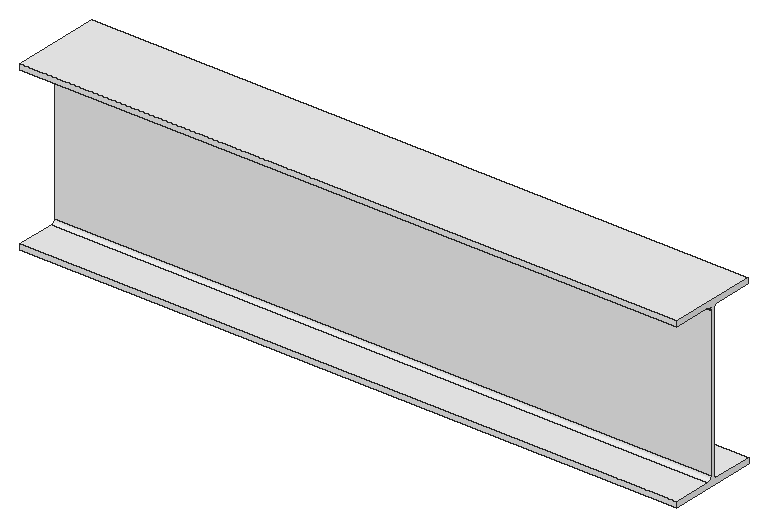
Revit family "M_W Formas", category Quadro estrutural, Revit 2019
Family settings
  Arredondamento do comprimento do framing estrutural = 0.10 mm
  Forma do corte = Forma I do flange paralelo
  Material para o comportamento do modelo = Aço
  Exportar sempre como geometria = Não
  Family Name Key = M_W Shapes
  Nome do código = AISC 14.1
  Número OmniClass = 23.25.30.11.14.14
  Título OmniClass = Beams
  ID de item do Seek = W-Shapes-0000-CAN-ENU
  Sempre na vertical = Sim
  Corte com vazios quando carregada = Não
  Representação simbólica = Das configurações de projeto
  Compartilhado = Não
  Exibir o pré-corte da família na vista da planta = Sim
Parameters (values of type "W310X38.7")
  Largura = 165.00 mm
  Espessura da teia = 5.84 mm
  Concordância da teia = 7.65 mm
  Constante da empena = 163000000000.0 mm6
  Momento de inércia de torção = 125000.00 mm4
  Structural Material [instance] = Aço, 45-345
  Section Name Key = ""
  Section Area = 4940.0 mm²
  Plastic Modulus weak axis = 134000.0 mm³
  Plastic Modulus strong axis = 610000.0 mm³
  Perimeter = 4.101 (stored number, unit not read)
  Nominal Weight = 379.52 N/m
  Moment of Inertia weak axis = 720 cm⁴
  Moment of Inertia strong axis = 8490 cm⁴
  Height = 310.00 mm
  Flange Thickness = 9.65 mm
  Elastic Modulus weak axis = 87500.0 mm³
  Elastic Modulus strong axis = 547000.0 mm³
  Centroid Vertical = Height / 2  # 155 mm
  Centroid Horizontal = Largura / 2  # 82.5 mm
  Bolt Spacing = 88.9 mm
  Assembly Code = ""
  Length [instance] = 1500.00 mm
Reference planes
  plane 1 "Centro (Frente/Trás)": y = 0
  plane 2: z = 0
  plane 3 "Centro (Esquerda/Direita)": x = 4.61
  plane 4 "Membro esquerdo": x = -604.99
  plane 5 "Membro direito": x = 614.21
  plane 6: y = 82.5
  plane 7: y = -82.5
  plane 8 "Superior": z = 155
  plane 9: z = -155
  plane 10 "Esquerda": x = -757.39
  plane 11 "Direita": x = 742.61
Forms (mm)
  Sweep 1, solid, material "Aço, 45-345" <- "Structural Material", detail levels medium
    path origin (0, 0, 0) x (1, 0, 0) y (0, 1, 0)
      loop
        line (614.21, 0) -> (-604.99, 0)
    profile "M_W-Flange ampla-Perfil-Médio : M_W-Flange ampla-Perfil-Médio" origin (4.61, 0, 0) x (0, -1, 0) y (0, 0, 1)
      loop
        line (-82.5, -155) -> (82.5, -155) -> (82.5, -145.35) -> (2.92, -145.35) -> (2.92, 145.35) -> (82.5, 145.35) -> (82.5, 155) -> (-82.5, 155) -> (-82.5, 145.35) -> (-2.92, 145.35) -> (-2.92, -145.35) -> (-82.5, -145.35) -> (-82.5, -155)
  Sweep 2, solid, material "Aço, 45-345" <- "Structural Material", detail levels fine
    path origin (0, 0, 0) x (1, 0, 0) y (0, 1, 0)
      loop
        line (614.21, 0) -> (-604.99, 0)
    profile "M_W-Flange ampla-Perfil-Alto : M_W-Flange ampla-Perfil-Alto" origin (4.61, 0, 0) x (0, -1, 0) y (0, 0, 1)
      loop
        line (-82.5, -155) -> (82.5, -155) -> (82.5, -145.35) -> (10.57, -145.35)
        arc (10.57, -145.35) -> (5.161, -143.109) -> (2.92, -137.7) r 7.65
        line (2.92, -137.7) -> (2.92, 137.7)
        arc (2.92, 137.7) -> (5.161, 143.109) -> (10.57, 145.35) r 7.65
        line (10.57, 145.35) -> (82.5, 145.35) -> (82.5, 155) -> (-82.5, 155) -> (-82.5, 145.35) -> (-10.57, 145.35)
        arc (-10.57, 145.35) -> (-5.161, 143.109) -> (-2.92, 137.7) r 7.65
        line (-2.92, 137.7) -> (-2.92, -137.7)
        arc (-2.92, -137.7) -> (-5.161, -143.109) -> (-10.57, -145.35) r 7.65
        line (-10.57, -145.35) -> (-82.5, -145.35) -> (-82.5, -155)
Lines and regions (mm)
  symbolic lines, style "Faces ocultas", detail levels medium+fine
    curve 1: line (614.21, -2.92, 0) -> (-604.99, -2.92, 0)
    curve 2: line (614.21, 2.92, 0) -> (-604.99, 2.92, 0)
  symbolic lines, style "Símbolos de vara", detail levels coarse
    curve 3: line (4.61, 82.5, 155) -> (4.61, -82.5, 155)
    curve 4: line (4.61, -82.5, -155) -> (4.61, 82.5, -155)
    curve 5: line (4.61, 0, 155) -> (4.61, 0, -155)
Dimensions and locks
  "Largura": plane 6 to plane 7
  "Height": plane 9 to plane 8 "Superior"
  equal spacing: plane 9, plane 2, plane 8 "Superior"
  equal spacing: plane 6, plane 1 "Centro (Frente/Trás)", plane 7
  "Length": plane 10 "Esquerda" to plane 11 "Direita"
  "Espessura da teia": curve 2 to curve 1
  equal spacing: curve 2, plane 1 "Centro (Frente/Trás)", curve 1
  aligned and locked: Sweep 1 sketch curve to plane 1 "Centro (Frente/Trás)"
  aligned and locked: Sweep 2 sketch curve to plane 1 "Centro (Frente/Trás)"
  aligned and locked: Sweep 2 to curve 3  (x2)
  aligned and locked: Sweep 2 to curve 4  (x2)
  aligned and locked: curve 3 to Sweep 2
  aligned and locked: curve 4 to Sweep 2
  aligned and locked: plane 4 "Membro esquerdo" to Sweep 2 sketch curve
  aligned and locked: plane 5 "Membro direito" to Sweep 2 sketch curve
  aligned and locked: plane 4 "Membro esquerdo" to Sweep 1 sketch curve
  aligned and locked: plane 5 "Membro direito" to Sweep 1 sketch curve
  aligned and locked: plane 4 "Membro esquerdo" to curve 2
  aligned and locked: plane 4 "Membro esquerdo" to curve 1
  aligned and locked: plane 5 "Membro direito" to curve 2
  aligned and locked: plane 5 "Membro direito" to curve 1
  aligned and locked: curve 5 to plane 1 "Centro (Frente/Trás)"
  aligned and locked: plane 9 to curve 5
  aligned and locked: plane 8 "Superior" to curve 5
Types in the file's own list only (279): name | Largura | Espessura da teia | Concordância da teia | Constante da empena | Momento de inércia de torção | Chave do nome do corte | Área de corte | Eixo fraco do módulo plástico | Eixo forte do módulo plástico | Perímetro | Peso nominal | Eixo fraco do momento de inércia | Eixo forte do momento de inércia | Altura | Espessura do flange | Eixo fraco do módulo de elasticidade | Eixo forte do módulo de elasticidade | Centróide vertical | Centróide horizontal | Espaçamento do parafuso
  W1100X499 | 404.00 mm | 26.20 mm | 20.00 mm | 144000000000000.0 mm6 | 31100000.00 mm4 | W44x335 | 63500.0 mm² | 3870000.0 mm³ | 26500000.0 mm³ | 3.76 m²/m | 499.00 kgf/m | 499000000.00 mm4 | 12900000000.00 mm4 | 1120.00 mm | 45.00 mm | 2460000.0 mm³ | 23100000.0 mm³ | 560.00 mm | 202.00 mm | 139.7 mm
  W1100X433 | 401.00 mm | 22.00 mm | 19.80 mm | 124000000000000.0 mm6 | 21200000.00 mm4 | W44x290 | 55100.0 mm² | 3360000.0 mm³ | 23100000.0 mm³ | 3.73 m²/m | 433.00 kgf/m | 433000000.00 mm4 | 11200000000.00 mm4 | 1110.00 mm | 40.10 mm | 2160000.0 mm³ | 20300000.0 mm³ | 555.00 mm | 200.50 mm | 139.7 mm
  W1100X390 | 401.00 mm | 19.90 mm | 19.80 mm | 109000000000000.0 mm6 | 15500000.00 mm4 | W44x262 | 49800.0 mm² | 2980000.0 mm³ | 20800000.0 mm³ | 3.73 m²/m | 390.00 kgf/m | 384000000.00 mm4 | 10000000000.00 mm4 | 1100.00 mm | 36.10 mm | 1920000.0 mm³ | 18200000.0 mm³ | 550.00 mm | 200.50 mm | 139.7 mm
  W1100X343 | 401.00 mm | 18.00 mm | 20.10 mm | 92900000000000.0 mm6 | 10400000.00 mm4 | W44x230 | 43700.0 mm² | 2570000.0 mm³ | 18000000.0 mm³ | 3.71 m²/m | 343.00 kgf/m | 331000000.00 mm4 | 8660000000.00 mm4 | 1090.00 mm | 31.00 mm | 1660000.0 mm³ | 15900000.0 mm³ | 545.00 mm | 200.50 mm | 139.7 mm
  W1000X883 | 424.00 mm | 45.50 mm | 30.00 mm | 268000000000000.0 mm6 | 185000000.00 mm4 | W40x593 | 112000.0 mm² | 7880000.0 mm³ | 45200000.0 mm³ | 3.73 m²/m | 883.00 kgf/m | 1050000000.00 mm4 | 21000000000.00 mm4 | 1090.00 mm | 82.00 mm | 4950000.0 mm³ | 38300000.0 mm³ | 545.00 mm | 212.00 mm | 190.5 mm
  W1000X748 | 417.00 mm | 39.10 mm | 29.90 mm | 212000000000000.0 mm6 | 115000000.00 mm4 | W40x503 | 95500.0 mm² | 6460000.0 mm³ | 38000000.0 mm³ | 3.68 m²/m | 748.00 kgf/m | 849000000.00 mm4 | 17300000000.00 mm4 | 1070.00 mm | 70.10 mm | 4080000.0 mm³ | 32400000.0 mm³ | 535.00 mm | 208.50 mm | 190.5 mm
  W1000X642 | 411.00 mm | 34.00 mm | 30.00 mm | 171000000000000.0 mm6 | 73700000.00 mm4 | W40x431 | 81900.0 mm² | 5370000.0 mm³ | 32100000.0 mm³ | 3.63 m²/m | 642.00 kgf/m | 703000000.00 mm4 | 14500000000.00 mm4 | 1050.00 mm | 59.90 mm | 3410000.0 mm³ | 27700000.0 mm³ | 525.00 mm | 205.50 mm | 190.5 mm
  W1000X591 | 409.00 mm | 31.00 mm | 30.00 mm | 155000000000000.0 mm6 | 59100000.00 mm4 | W40x397 | 75500.0 mm² | 4920000.0 mm³ | 29500000.0 mm³ | 3.61 m²/m | 591.00 kgf/m | 641000000.00 mm4 | 13300000000.00 mm4 | 1040.00 mm | 55.90 mm | 3130000.0 mm³ | 25600000.0 mm³ | 520.00 mm | 204.50 mm | 190.5 mm
  W1000X554 | 409.00 mm | 29.50 mm | 29.90 mm | 142000000000000.0 mm6 | 48300000.00 mm4 | W40x372 | 71000.0 mm² | 4540000.0 mm³ | 27500000.0 mm³ | 3.58 m²/m | 554.00 kgf/m | 591000000.00 mm4 | 12300000000.00 mm4 | 1030.00 mm | 52.10 mm | 2900000.0 mm³ | 23900000.0 mm³ | 515.00 mm | 204.50 mm | 190.5 mm
  W1000X539 | 406.00 mm | 28.40 mm | 29.90 mm | 138000000000000.0 mm6 | 45400000.00 mm4 | W40x362 | 68400.0 mm² | 4420000.0 mm³ | 26900000.0 mm³ | 3.58 m²/m | 539.00 kgf/m | 574000000.00 mm4 | 12000000000.00 mm4 | 1030.00 mm | 51.10 mm | 2830000.0 mm³ | 23300000.0 mm³ | 515.00 mm | 203.00 mm | 190.5 mm
  W1000X483 | 404.00 mm | 25.40 mm | 29.90 mm | 120000000000000.0 mm6 | 33000000.00 mm4 | W40x324 | 61500.0 mm² | 3920000.0 mm³ | 23900000.0 mm³ | 3.56 m²/m | 483.00 kgf/m | 508000000.00 mm4 | 10700000000.00 mm4 | 1020.00 mm | 46.00 mm | 2510000.0 mm³ | 21000000.0 mm³ | 510.00 mm | 202.00 mm | 190.5 mm
  W1000X443 | 401.00 mm | 23.60 mm | 30.00 mm | 107000000000000.0 mm6 | 25500000.00 mm4 | W40x297 | 56300.0 mm² | 3520000.0 mm³ | 21800000.0 mm³ | 3.53 m²/m | 443.00 kgf/m | 454000000.00 mm4 | 9660000000.00 mm4 | 1010.00 mm | 41.90 mm | 2260000.0 mm³ | 19200000.0 mm³ | 505.00 mm | 200.50 mm | 190.5 mm
  W1000X412 | 401.00 mm | 21.10 mm | 30.00 mm | 102000000000000.0 mm6 | 21400000.00 mm4 | W40x277 | 52600.0 mm² | 3340000.0 mm³ | 20500000.0 mm³ | 3.53 m²/m | 412.00 kgf/m | 433000000.00 mm4 | 9120000000.00 mm4 | 1010.00 mm | 40.10 mm | 2160000.0 mm³ | 18000000.0 mm³ | 505.00 mm | 200.50 mm | 190.5 mm
  W1000X371 | 401.00 mm | 19.10 mm | 29.90 mm | 89700000000000.0 mm6 | 15900000.00 mm4 | W40x249 | 47400.0 mm² | 2980000.0 mm³ | 18400000.0 mm³ | 3.51 m²/m | 371.00 kgf/m | 385000000.00 mm4 | 8160000000.00 mm4 | 1000.00 mm | 36.10 mm | 1930000.0 mm³ | 16300000.0 mm³ | 500.00 mm | 200.50 mm | 190.5 mm
  W1000X321 | 401.00 mm | 16.50 mm | 30.00 mm | 76300000000000.0 mm6 | 10300000.00 mm4 | W40x215 | 41000.0 mm² | 2560000.0 mm³ | 15800000.0 mm³ | 3.51 m²/m | 321.00 kgf/m | 334000000.00 mm4 | 6950000000.00 mm4 | 991.00 mm | 31.00 mm | 1660000.0 mm³ | 14100000.0 mm³ | 495.50 mm | 200.50 mm | 190.5 mm
  W1000X296 | 401.00 mm | 16.50 mm | 30.00 mm | 66100000000000.0 mm6 | 7620000.00 mm4 | W40x199 | 37900.0 mm² | 2250000.0 mm³ | 14200000.0 mm³ | 3.48 m²/m | 296.00 kgf/m | 289000000.00 mm4 | 6200000000.00 mm4 | 983.00 mm | 27.20 mm | 1450000.0 mm³ | 12600000.0 mm³ | 491.50 mm | 200.50 mm | 190.5 mm
  W1000X584 | 315.00 mm | 36.10 mm | 30.00 mm | 82200000000000.0 mm6 | 71600000.00 mm4 | W40x392 | 74800.0 mm² | 3470000.0 mm³ | 28000000.0 mm³ | 3.25 m²/m | 584.00 kgf/m | 334000000.00 mm4 | 12400000000.00 mm4 | 1060.00 mm | 64.00 mm | 2130000.0 mm³ | 23600000.0 mm³ | 530.00 mm | 157.50 mm | 190.5 mm
  W1000X494 | 310.00 mm | 31.00 mm | 30.00 mm | 64700000000000.0 mm6 | 43700000.00 mm4 | W40x331 | 63000.0 mm² | 2820000.0 mm³ | 23400000.0 mm³ | 3.20 m²/m | 494.00 kgf/m | 268000000.00 mm4 | 10300000000.00 mm4 | 1040.00 mm | 54.10 mm | 1740000.0 mm³ | 19800000.0 mm³ | 520.00 mm | 155.00 mm | 190.5 mm
  W1000X486 | 307.00 mm | 30.00 mm | 30.00 mm | 64200000000000.0 mm6 | 42900000.00 mm4 | W40x327 | 61900.0 mm² | 2790000.0 mm³ | 23100000.0 mm³ | 3.20 m²/m | 486.00 kgf/m | 266000000.00 mm4 | 10200000000.00 mm4 | 1040.00 mm | 54.10 mm | 1720000.0 mm³ | 19700000.0 mm³ | 520.00 mm | 153.50 mm | 190.5 mm
  W1000X438 | 305.00 mm | 26.90 mm | 30.00 mm | 55900000000000.0 mm6 | 31900000.00 mm4 | W40x294 | 55600.0 mm² | 2460000.0 mm³ | 20800000.0 mm³ | 3.18 m²/m | 438.00 kgf/m | 234000000.00 mm4 | 9120000000.00 mm4 | 1030.00 mm | 49.00 mm | 1530000.0 mm³ | 17700000.0 mm³ | 515.00 mm | 152.50 mm | 190.5 mm
  W1000X415 | 305.00 mm | 26.20 mm | 29.90 mm | 51600000000000.0 mm6 | 27100000.00 mm4 | W40x278 | 53100.0 mm² | 2290000.0 mm³ | 19500000.0 mm³ | 3.15 m²/m | 415.00 kgf/m | 217000000.00 mm4 | 8530000000.00 mm4 | 1020.00 mm | 46.00 mm | 1430000.0 mm³ | 16700000.0 mm³ | 510.00 mm | 152.50 mm | 190.5 mm
  W1000X393 | 302.00 mm | 24.40 mm | 30.00 mm | 48600000000000.0 mm6 | 23400000.00 mm4 | W40x264 | 49900.0 mm² | 2160000.0 mm³ | 18500000.0 mm³ | 3.15 m²/m | 393.00 kgf/m | 205000000.00 mm4 | 8070000000.00 mm4 | 1020.00 mm | 43.90 mm | 1350000.0 mm³ | 15900000.0 mm³ | 510.00 mm | 151.00 mm | 190.5 mm
  W1000X350 | 302.00 mm | 21.10 mm | 30.00 mm | 43200000000000.0 mm6 | 17200000.00 mm4 | W40x235 | 44600.0 mm² | 1930000.0 mm³ | 16600000.0 mm³ | 3.12 m²/m | 350.00 kgf/m | 185000000.00 mm4 | 7240000000.00 mm4 | 1010.00 mm | 40.10 mm | 1220000.0 mm³ | 14300000.0 mm³ | 505.00 mm | 151.00 mm | 190.5 mm
  W1000X314 | 300.00 mm | 19.10 mm | 29.90 mm | 37900000000000.0 mm6 | 12700000.00 mm4 | W40x211 | 40100.0 mm² | 1720000.0 mm³ | 14800000.0 mm³ | 3.10 m²/m | 314.00 kgf/m | 162000000.00 mm4 | 6450000000.00 mm4 | 1000.00 mm | 36.10 mm | 1080000.0 mm³ | 12900000.0 mm³ | 500.00 mm | 150.00 mm | 190.5 mm
  W1000X272 | 300.00 mm | 16.50 mm | 30.00 mm | 31700000000000.0 mm6 | 8030000.00 mm4 | W40x183 | 34400.0 mm² | 1450000.0 mm³ | 12700000.0 mm³ | 3.10 m²/m | 272.00 kgf/m | 138000000.00 mm4 | 5490000000.00 mm4 | 991.00 mm | 30.50 mm | 918000.0 mm³ | 11100000.0 mm³ | 495.50 mm | 150.00 mm | 190.5 mm
  W1000X249 | 300.00 mm | 16.50 mm | 29.90 mm | 26800000000000.0 mm6 | 5830000.00 mm4 | W40x167 | 31800.0 mm² | 1250000.0 mm³ | 11400000.0 mm³ | 3.07 m²/m | 249.00 kgf/m | 118000000.00 mm4 | 4830000000.00 mm4 | 980.00 mm | 26.20 mm | 785000.0 mm³ | 9830000.0 mm³ | 490.00 mm | 150.00 mm | 190.5 mm
  W1000X222 | 300.00 mm | 16.00 mm | 30.00 mm | 21500000000000.0 mm6 | 3900000.00 mm4 | W40x149 | 28300.0 mm² | 1020000.0 mm³ | 9800000.0 mm³ | 3.05 m²/m | 222.00 kgf/m | 95300000.00 mm4 | 4080000000.00 mm4 | 970.00 mm | 21.10 mm | 636000.0 mm³ | 8410000.0 mm³ | 485.00 mm | 150.00 mm | 190.5 mm
  W920X970 | 447.00 mm | 50.00 mm | 24.10 mm | 303000000000000.1 mm6 | 247000000.00 mm4 | W36x652 | 124000.0 mm² | 9520000.0 mm³ | 47700000.0 mm³ | 3.73 m²/m | 970.00 kgf/m | 1340000000.00 mm4 | 21100000000.00 mm4 | 1040.00 mm | 89.90 mm | 6010000.0 mm³ | 40300000.0 mm³ | 520.00 mm | 223.50 mm | 190.5 mm
  W920X787 | 437.00 mm | 40.90 mm | 24.10 mm | 227000000000000.0 mm6 | 136000000.00 mm4 | W36x529 | 101000.0 mm² | 7440000.0 mm³ | 38200000.0 mm³ | 3.66 m²/m | 787.00 kgf/m | 1040000000.00 mm4 | 16500000000.00 mm4 | 1010.00 mm | 73.90 mm | 4740000.0 mm³ | 32600000.0 mm³ | 505.00 mm | 218.50 mm | 190.5 mm
  W920X725 | 434.00 mm | 38.10 mm | 24.10 mm | 202000000000000.0 mm6 | 107000000.00 mm4 | W36x487 | 92300.0 mm² | 6750000.0 mm³ | 34900000.0 mm³ | 3.61 m²/m | 725.00 kgf/m | 937000000.00 mm4 | 15000000000.00 mm4 | 998.00 mm | 68.10 mm | 4310000.0 mm³ | 30000000.0 mm³ | 499.00 mm | 217.00 mm | 190.5 mm
  W920X656 | 432.00 mm | 34.50 mm | 24.10 mm | 178000000000000.0 mm6 | 80700000.00 mm4 | W36x441 | 83900.0 mm² | 6030000.0 mm³ | 31300000.0 mm³ | 3.58 m²/m | 656.00 kgf/m | 828000000.00 mm4 | 13400000000.00 mm4 | 988.00 mm | 62.00 mm | 3850000.0 mm³ | 27000000.0 mm³ | 494.00 mm | 216.00 mm | 190.5 mm
  W920X588 | 427.00 mm | 31.00 mm | 24.10 mm | 154000000000000.0 mm6 | 59100000.00 mm4 | W36x395 | 74800.0 mm² | 5330000.0 mm³ | 28000000.0 mm³ | 3.56 m²/m | 588.00 kgf/m | 728000000.00 mm4 | 11900000000.00 mm4 | 975.00 mm | 55.90 mm | 3410000.0 mm³ | 24400000.0 mm³ | 487.50 mm | 213.50 mm | 190.5 mm
  W920X537 | 424.00 mm | 28.40 mm | 24.10 mm | 137000000000000.0 mm6 | 45400000.00 mm4 | W36x361 | 68400.0 mm² | 4800000.0 mm³ | 25400000.0 mm³ | 3.53 m²/m | 537.00 kgf/m | 653000000.00 mm4 | 10700000000.00 mm4 | 965.00 mm | 51.10 mm | 3080000.0 mm³ | 22100000.0 mm³ | 482.50 mm | 212.00 mm | 190.5 mm
  W920X491 | 422.00 mm | 25.90 mm | 24.10 mm | 122000000000000.0 mm6 | 35100000.00 mm4 | W36x330 | 62500.0 mm² | 4340000.0 mm³ | 23100000.0 mm³ | 3.51 m²/m | 491.00 kgf/m | 591000000.00 mm4 | 9700000000.00 mm4 | 958.00 mm | 47.00 mm | 2800000.0 mm³ | 20300000.0 mm³ | 479.00 mm | 211.00 mm | 190.5 mm
  W920X449 | 424.00 mm | 24.00 mm | 24.10 mm | 111000000000000.0 mm6 | 26800000.00 mm4 | W36x302 | 57400.0 mm² | 3950000.0 mm³ | 21000000.0 mm³ | 3.51 m²/m | 449.00 kgf/m | 541000000.00 mm4 | 8780000000.00 mm4 | 947.00 mm | 42.70 mm | 2560000.0 mm³ | 18500000.0 mm³ | 473.50 mm | 212.00 mm | 190.5 mm
  W920X420 | 422.00 mm | 22.50 mm | 24.10 mm | 102000000000000.0 mm6 | 21900000.00 mm4 | W36x282 | 53500.0 mm² | 3650000.0 mm³ | 19500000.0 mm³ | 3.48 m²/m | 420.00 kgf/m | 499000000.00 mm4 | 8160000000.00 mm4 | 942.00 mm | 39.90 mm | 2360000.0 mm³ | 17200000.0 mm³ | 471.00 mm | 211.00 mm | 190.5 mm
  W920X390 | 422.00 mm | 21.30 mm | 24.10 mm | 91800000000000.0 mm6 | 17300000.00 mm4 | W36x262 | 49800.0 mm² | 3340000.0 mm³ | 18000000.0 mm³ | 3.48 m²/m | 390.00 kgf/m | 454000000.00 mm4 | 7450000000.00 mm4 | 937.00 mm | 36.60 mm | 2160000.0 mm³ | 15900000.0 mm³ | 468.50 mm | 211.00 mm | 190.5 mm
  W920X368 | 419.00 mm | 20.30 mm | 24.10 mm | 84900000000000.0 mm6 | 14400000.00 mm4 | W36x247 | 46800.0 mm² | 3110000.0 mm³ | 16900000.0 mm³ | 3.45 m²/m | 368.00 kgf/m | 420000000.00 mm4 | 6950000000.00 mm4 | 932.00 mm | 34.30 mm | 2020000.0 mm³ | 15000000.0 mm³ | 466.00 mm | 209.50 mm | 190.5 mm
  W920X344 | 419.00 mm | 19.30 mm | 24.10 mm | 78400000000000.0 mm6 | 11900000.00 mm4 | W36x231 | 44000.0 mm² | 2880000.0 mm³ | 15800000.0 mm³ | 3.45 m²/m | 344.00 kgf/m | 391000000.00 mm4 | 6490000000.00 mm4 | 927.00 mm | 32.00 mm | 1870000.0 mm³ | 14000000.0 mm³ | 463.50 mm | 209.50 mm | 190.5 mm
  W920X381 | 310.00 mm | 24.40 mm | 19.10 mm | 45100000000000.0 mm6 | 22000000.00 mm4 | W36x256 | 48600.0 mm² | 2250000.0 mm³ | 17000000.0 mm³ | 3.05 m²/m | 381.00 kgf/m | 220000000.00 mm4 | 6990000000.00 mm4 | 951.00 mm | 43.90 mm | 1420000.0 mm³ | 14700000.0 mm³ | 475.50 mm | 155.00 mm | 139.7 mm
  W920X345 | 307.00 mm | 22.10 mm | 19.00 mm | 39700000000000.0 mm6 | 16500000.00 mm4 | W36x232 | 43900.0 mm² | 2000000.0 mm³ | 15300000.0 mm³ | 3.05 m²/m | 345.00 kgf/m | 195000000.00 mm4 | 6240000000.00 mm4 | 943.00 mm | 39.90 mm | 1270000.0 mm³ | 13300000.0 mm³ | 471.50 mm | 153.50 mm | 139.7 mm
  W920X313 | 310.00 mm | 21.10 mm | 19.10 mm | 34400000000000.0 mm6 | 11700000.00 mm4 | W36x210 | 39900.0 mm² | 1750000.0 mm³ | 13700000.0 mm³ | 3.02 m²/m | 313.00 kgf/m | 171000000.00 mm4 | 5490000000.00 mm4 | 932.00 mm | 34.50 mm | 1110000.0 mm³ | 11800000.0 mm³ | 466.00 mm | 155.00 mm | 139.7 mm
  W920X289 | 307.00 mm | 19.40 mm | 19.10 mm | 31200000000000.0 mm6 | 9240000.00 mm4 | W36x194 | 36800.0 mm² | 1600000.0 mm³ | 12600000.0 mm³ | 3.02 m²/m | 289.00 kgf/m | 156000000.00 mm4 | 5040000000.00 mm4 | 927.00 mm | 32.00 mm | 1010000.0 mm³ | 10900000.0 mm³ | 463.50 mm | 153.50 mm | 139.7 mm
  W920X271 | 307.00 mm | 18.40 mm | 19.00 mm | 28700000000000.0 mm6 | 7700000.00 mm4 | W36x182 | 34600.0 mm² | 1490000.0 mm³ | 11800000.0 mm³ | 3.00 m²/m | 271.00 kgf/m | 144000000.00 mm4 | 4700000000.00 mm4 | 922.00 mm | 30.00 mm | 944000.0 mm³ | 10200000.0 mm³ | 461.00 mm | 153.50 mm | 139.7 mm
  W920X253 | 305.00 mm | 17.30 mm | 19.10 mm | 26500000000000.0 mm6 | 6290000.00 mm4 | W36x170 | 32300.0 mm² | 1370000.0 mm³ | 10900000.0 mm³ | 3.00 m²/m | 253.00 kgf/m | 133000000.00 mm4 | 4370000000.00 mm4 | 919.00 mm | 27.90 mm | 872000.0 mm³ | 9520000.0 mm³ | 459.50 mm | 152.50 mm | 139.7 mm
  W920X238 | 305.00 mm | 16.50 mm | 19.10 mm | 24200000000000.0 mm6 | 5160000.00 mm4 | W36x160 | 30300.0 mm² | 1270000.0 mm³ | 10200000.0 mm³ | 2.97 m²/m | 238.00 kgf/m | 123000000.00 mm4 | 4060000000.00 mm4 | 914.00 mm | 25.90 mm | 805000.0 mm³ | 8880000.0 mm³ | 457.00 mm | 152.50 mm | 139.7 mm
  W920X223 | 305.00 mm | 15.90 mm | 19.00 mm | 22100000000000.0 mm6 | 4200000.00 mm4 | W36x150 | 28600.0 mm² | 1160000.0 mm³ | 9520000.0 mm³ | 2.97 m²/m | 223.00 kgf/m | 112000000.00 mm4 | 3760000000.00 mm4 | 912.00 mm | 23.90 mm | 739000.0 mm³ | 8260000.0 mm³ | 456.00 mm | 152.50 mm | 139.7 mm
  W920X201 | 305.00 mm | 15.20 mm | 19.00 mm | 18300000000000.0 mm6 | 2910000.00 mm4 | W36x135 | 25700.0 mm² | 978000.0 mm³ | 8340000.0 mm³ | 2.97 m²/m | 201.00 kgf/m | 93700000.00 mm4 | 3250000000.00 mm4 | 904.00 mm | 20.10 mm | 618000.0 mm³ | 7190000.0 mm³ | 452.00 mm | 152.50 mm | 139.7 mm
  W840X576 | 411.00 mm | 32.00 mm | 20.10 mm | 123000000000000.0 mm6 | 61600000.00 mm4 | W33x387 | 73500.0 mm² | 5110000.0 mm³ | 25600000.0 mm³ | 3.38 m²/m | 576.00 kgf/m | 674000000.00 mm4 | 10100000000.00 mm4 | 914.00 mm | 57.90 mm | 3280000.0 mm³ | 22100000.0 mm³ | 457.00 mm | 205.50 mm | 139.7 mm
  W840X527 | 409.00 mm | 29.50 mm | 20.10 mm | 110000000000000.0 mm6 | 47900000.00 mm4 | W33x354 | 67100.0 mm² | 4620000.0 mm³ | 23300000.0 mm³ | 3.35 m²/m | 527.00 kgf/m | 608000000.00 mm4 | 9160000000.00 mm4 | 904.00 mm | 53.10 mm | 2970000.0 mm³ | 20300000.0 mm³ | 452.00 mm | 204.50 mm | 139.7 mm
  W840X473 | 406.00 mm | 26.40 mm | 20.10 mm | 95900000000000.0 mm6 | 35100000.00 mm4 | W33x318 | 60500.0 mm² | 4100000.0 mm³ | 20800000.0 mm³ | 3.33 m²/m | 473.00 kgf/m | 537000000.00 mm4 | 8120000000.00 mm4 | 894.00 mm | 48.00 mm | 2640000.0 mm³ | 18200000.0 mm³ | 447.00 mm | 203.00 mm | 139.7 mm
  W840X433 | 404.00 mm | 24.40 mm | 20.10 mm | 85700000000000.0 mm6 | 27100000.00 mm4 | W33x291 | 55200.0 mm² | 3700000.0 mm³ | 19000000.0 mm³ | 3.30 m²/m | 433.00 kgf/m | 483000000.00 mm4 | 7370000000.00 mm4 | 884.00 mm | 43.90 mm | 2390000.0 mm³ | 16700000.0 mm³ | 442.00 mm | 202.00 mm | 139.7 mm
  W840X392 | 401.00 mm | 22.10 mm | 20.00 mm | 75500000000000.0 mm6 | 20300000.00 mm4 | W33x263 | 49900.0 mm² | 3310000.0 mm³ | 17000000.0 mm³ | 3.28 m²/m | 392.00 kgf/m | 433000000.00 mm4 | 6620000000.00 mm4 | 876.00 mm | 39.90 mm | 2150000.0 mm³ | 15100000.0 mm³ | 438.00 mm | 200.50 mm | 139.7 mm
  W840X359 | 404.00 mm | 21.10 mm | 20.00 mm | 67400000000000.0 mm6 | 15100000.00 mm4 | W33x241 | 45900.0 mm² | 2980000.0 mm³ | 15400000.0 mm³ | 3.28 m²/m | 359.00 kgf/m | 388000000.00 mm4 | 5910000000.00 mm4 | 869.00 mm | 35.60 mm | 1930000.0 mm³ | 13600000.0 mm³ | 434.50 mm | 202.00 mm | 139.7 mm
  W840X329 | 401.00 mm | 19.70 mm | 19.80 mm | 60200000000000.0 mm6 | 11600000.00 mm4 | W33x221 | 42100.0 mm² | 2690000.0 mm³ | 14000000.0 mm³ | 3.25 m²/m | 329.00 kgf/m | 350000000.00 mm4 | 5370000000.00 mm4 | 861.00 mm | 32.50 mm | 1740000.0 mm³ | 12400000.0 mm³ | 430.50 mm | 200.50 mm | 139.7 mm
  W840X299 | 399.00 mm | 18.20 mm | 20.10 mm | 53200000000000.0 mm6 | 8660000.00 mm4 | W33x201 | 38100.0 mm² | 2410000.0 mm³ | 12700000.0 mm³ | 3.23 m²/m | 299.00 kgf/m | 312000000.00 mm4 | 4830000000.00 mm4 | 856.00 mm | 29.20 mm | 1560000.0 mm³ | 11200000.0 mm³ | 428.00 mm | 199.50 mm | 139.7 mm
  W840X251 | 292.00 mm | 17.00 mm | 17.80 mm | 22100000000000.0 mm6 | 7370000.00 mm4 | W33x169 | 31900.0 mm² | 1380000.0 mm³ | 10300000.0 mm³ | 2.82 m²/m | 251.00 kgf/m | 129000000.00 mm4 | 3870000000.00 mm4 | 859.00 mm | 31.00 mm | 883000.0 mm³ | 9000000.0 mm³ | 429.50 mm | 146.00 mm | 139.7 mm
  W840X226 | 295.00 mm | 16.10 mm | 17.80 mm | 19300000000000.0 mm6 | 5160000.00 mm4 | W33x152 | 29000.0 mm² | 1210000.0 mm³ | 9160000.0 mm³ | 2.82 m²/m | 226.00 kgf/m | 114000000.00 mm4 | 3400000000.00 mm4 | 851.00 mm | 26.90 mm | 773000.0 mm³ | 7980000.0 mm³ | 425.50 mm | 147.50 mm | 139.7 mm
  W840X210 | 292.00 mm | 15.40 mm | 17.80 mm | 17300000000000.0 mm6 | 4040000.00 mm4 | W33x141 | 26800.0 mm² | 1100000.0 mm³ | 8420000.0 mm³ | 2.79 m²/m | 210.00 kgf/m | 102000000.00 mm4 | 3100000000.00 mm4 | 846.00 mm | 24.40 mm | 700000.0 mm³ | 7340000.0 mm³ | 423.00 mm | 146.00 mm | 139.7 mm
  W840X193 | 292.00 mm | 14.70 mm | 17.90 mm | 15200000000000.0 mm6 | 3070000.00 mm4 | W33x130 | 24700.0 mm² | 975000.0 mm³ | 7650000.0 mm³ | 2.79 m²/m | 193.00 kgf/m | 90700000.00 mm4 | 2790000000.00 mm4 | 841.00 mm | 21.70 mm | 621000.0 mm³ | 6650000.0 mm³ | 420.50 mm | 146.00 mm | 139.7 mm
  W840X176 | 292.00 mm | 14.00 mm | 17.80 mm | 13000000000000.0 mm6 | 2210000.00 mm4 | W33x118 | 22400.0 mm² | 841000.0 mm³ | 6800000.0 mm³ | 2.77 m²/m | 176.00 kgf/m | 77800000.00 mm4 | 2460000000.00 mm4 | 836.00 mm | 18.80 mm | 534000.0 mm³ | 5880000.0 mm³ | 418.00 mm | 146.00 mm | 139.7 mm
  W760X582 | 396.00 mm | 34.50 mm | 20.00 mm | 98300000000000.0 mm6 | 72000000.00 mm4 | W30x391 | 74200.0 mm² | 5080000.0 mm³ | 23800000.0 mm³ | 3.18 m²/m | 582.00 kgf/m | 645000000.00 mm4 | 8620000000.00 mm4 | 843.00 mm | 62.00 mm | 3240000.0 mm³ | 20500000.0 mm³ | 421.50 mm | 198.00 mm | 139.7 mm
  W760X531 | 394.00 mm | 31.50 mm | 20.10 mm | 87000000000000.0 mm6 | 55800000.00 mm4 | W30x357 | 67700.0 mm² | 4570000.0 mm³ | 21600000.0 mm³ | 3.15 m²/m | 531.00 kgf/m | 579000000.00 mm4 | 7780000000.00 mm4 | 833.00 mm | 56.90 mm | 2930000.0 mm³ | 18700000.0 mm³ | 416.50 mm | 197.00 mm | 139.7 mm
  W760X484 | 391.00 mm | 29.00 mm | 20.00 mm | 77100000000000.0 mm6 | 42900000.00 mm4 | W30x326 | 61900.0 mm² | 4130000.0 mm³ | 19500000.0 mm³ | 3.12 m²/m | 484.00 kgf/m | 516000000.00 mm4 | 6990000000.00 mm4 | 823.00 mm | 52.10 mm | 2650000.0 mm³ | 17000000.0 mm³ | 411.50 mm | 195.50 mm | 139.7 mm
  W760X434 | 389.00 mm | 25.90 mm | 20.10 mm | 67100000000000.0 mm6 | 31300000.00 mm4 | W30x292 | 55500.0 mm² | 3650000.0 mm³ | 17400000.0 mm³ | 3.10 m²/m | 434.00 kgf/m | 458000000.00 mm4 | 6200000000.00 mm4 | 813.00 mm | 47.00 mm | 2360000.0 mm³ | 15200000.0 mm³ | 406.50 mm | 194.50 mm | 139.7 mm
  W760X389 | 386.00 mm | 23.60 mm | 20.10 mm | 57700000000000.0 mm6 | 22500000.00 mm4 | W30x261 | 49700.0 mm² | 3210000.0 mm³ | 15500000.0 mm³ | 3.07 m²/m | 389.00 kgf/m | 399000000.00 mm4 | 5450000000.00 mm4 | 803.00 mm | 41.90 mm | 2080000.0 mm³ | 13600000.0 mm³ | 401.50 mm | 193.00 mm | 139.7 mm
  W760X350 | 384.00 mm | 21.10 mm | 20.10 mm | 51000000000000.0 mm6 | 16800000.00 mm4 | W30x235 | 44700.0 mm² | 2870000.0 mm³ | 13900000.0 mm³ | 3.05 m²/m | 350.00 kgf/m | 356000000.00 mm4 | 4870000000.00 mm4 | 795.00 mm | 38.10 mm | 1870000.0 mm³ | 12300000.0 mm³ | 397.50 mm | 192.00 mm | 139.7 mm
  W760X314 | 384.00 mm | 19.70 mm | 19.80 mm | 44600000000000.0 mm6 | 11800000.00 mm4 | W30x211 | 40200.0 mm² | 2540000.0 mm³ | 12300000.0 mm³ | 3.02 m²/m | 314.00 kgf/m | 315000000.00 mm4 | 4290000000.00 mm4 | 785.00 mm | 33.50 mm | 1640000.0 mm³ | 10900000.0 mm³ | 392.50 mm | 192.00 mm | 139.7 mm
  W760X284 | 381.00 mm | 18.00 mm | 19.80 mm | 39200000000000.0 mm6 | 8740000.00 mm4 | W30x191 | 36200.0 mm² | 2260000.0 mm³ | 11100000.0 mm³ | 3.02 m²/m | 284.00 kgf/m | 280000000.00 mm4 | 3830000000.00 mm4 | 780.00 mm | 30.20 mm | 1470000.0 mm³ | 9830000.0 mm³ | 390.00 mm | 190.50 mm | 139.7 mm
  W760X257 | 381.00 mm | 16.60 mm | 19.80 mm | 34600000000000.0 mm6 | 6490000.00 mm4 | W30x173 | 32800.0 mm² | 2020000.0 mm³ | 9950000.0 mm³ | 3.00 m²/m | 257.00 kgf/m | 249000000.00 mm4 | 3430000000.00 mm4 | 772.00 mm | 27.20 mm | 1310000.0 mm³ | 8870000.0 mm³ | 386.00 mm | 190.50 mm | 139.7 mm
  W760X220 | 267.00 mm | 16.50 mm | 16.50 mm | 13300000000000.0 mm6 | 6040000.00 mm4 | W30x148 | 28100.0 mm² | 1110000.0 mm³ | 8190000.0 mm³ | 2.57 m²/m | 220.00 kgf/m | 94500000.00 mm4 | 2780000000.00 mm4 | 780.00 mm | 30.00 mm | 710000.0 mm³ | 7140000.0 mm³ | 390.00 mm | 133.50 mm | 139.7 mm
  W760X196 | 267.00 mm | 15.60 mm | 16.50 mm | 11300000000000.0 mm6 | 4050000.00 mm4 | W30x132 | 25000.0 mm² | 957000.0 mm³ | 7160000.0 mm³ | 2.54 m²/m | 196.00 kgf/m | 81600000.00 mm4 | 2400000000.00 mm4 | 770.00 mm | 25.40 mm | 610000.0 mm³ | 6230000.0 mm³ | 385.00 mm | 133.50 mm | 139.7 mm
  W760X185 | 267.00 mm | 14.90 mm | 16.50 mm | 10400000000000.0 mm6 | 3330000.00 mm4 | W30x124 | 23500.0 mm² | 885000.0 mm³ | 6690000.0 mm³ | 2.54 m²/m | 185.00 kgf/m | 75300000.00 mm4 | 2230000000.00 mm4 | 767.00 mm | 23.60 mm | 564000.0 mm³ | 5820000.0 mm³ | 383.50 mm | 133.50 mm | 139.7 mm
  W760X173 | 267.00 mm | 14.40 mm | 16.50 mm | 9370000000000.0 mm6 | 2680000.00 mm4 | W30x116 | 22100.0 mm² | 806000.0 mm³ | 6190000.0 mm³ | 2.53 m²/m | 173.00 kgf/m | 68300000.00 mm4 | 2050000000.00 mm4 | 762.00 mm | 21.60 mm | 513000.0 mm³ | 5390000.0 mm³ | 381.00 mm | 133.50 mm | 139.7 mm
  W760X161 | 267.00 mm | 13.80 mm | 16.50 mm | 8300000000000.0 mm6 | 2080000.00 mm4 | W30x108 | 20500.0 mm² | 719000.0 mm³ | 5670000.0 mm³ | 2.52 m²/m | 161.00 kgf/m | 60800000.00 mm4 | 1860000000.00 mm4 | 757.00 mm | 19.30 mm | 457000.0 mm³ | 4900000.0 mm³ | 378.50 mm | 133.50 mm | 139.7 mm
  W760X147 | 267.00 mm | 13.20 mm | 16.50 mm | 7200000000000.0 mm6 | 1570000.00 mm4 | W30x99 | 18700.0 mm² | 633000.0 mm³ | 5110000.0 mm³ | 2.52 m²/m | 147.00 kgf/m | 53300000.00 mm4 | 1660000000.00 mm4 | 754.00 mm | 17.00 mm | 401000.0 mm³ | 4410000.0 mm³ | 377.00 mm | 133.50 mm | 139.7 mm
  W760X134 | 264.00 mm | 11.90 mm | 16.50 mm | 6440000000000.0 mm6 | 1180000.00 mm4 | W30x90 | 17000.0 mm² | 569000.0 mm³ | 4640000.0 mm³ | 2.50 m²/m | 134.00 kgf/m | 47900000.00 mm4 | 1500000000.00 mm4 | 749.00 mm | 15.50 mm | 362000.0 mm³ | 4010000.0 mm³ | 374.50 mm | 132.00 mm | 139.7 mm
  W690X802 | 389.00 mm | 50.00 mm | 20.10 mm | 119000000000000.0 mm6 | 206000000.00 mm4 | W27x539 | 103000.0 mm² | 7160000.0 mm³ | 31000000.0 mm³ | 3.07 m²/m | 802.00 kgf/m | 878000000.00 mm4 | 10700000000.00 mm4 | 826.00 mm | 89.90 mm | 4540000.0 mm³ | 25700000.0 mm³ | 413.00 mm | 194.50 mm | 139.7 mm
  W690X548 | 373.00 mm | 35.10 mm | 20.10 mm | 68500000000000.0 mm6 | 70800000.00 mm4 | W27x368 | 70300.0 mm² | 4570000.0 mm³ | 20300000.0 mm³ | 2.92 m²/m | 548.00 kgf/m | 545000000.00 mm4 | 6740000000.00 mm4 | 772.00 mm | 63.00 mm | 2930000.0 mm³ | 17400000.0 mm³ | 386.00 mm | 186.50 mm | 139.7 mm
  W690X500 | 371.00 mm | 32.00 mm | 20.10 mm | 60700000000000.0 mm6 | 54500000.00 mm4 | W27x336 | 64000.0 mm² | 4130000.0 mm³ | 18500000.0 mm³ | 2.92 m²/m | 500.00 kgf/m | 491000000.00 mm4 | 6080000000.00 mm4 | 762.00 mm | 57.90 mm | 2650000.0 mm³ | 15900000.0 mm³ | 381.00 mm | 185.50 mm | 139.7 mm
  W690X457 | 366.00 mm | 29.50 mm | 20.10 mm | 53400000000000.0 mm6 | 42000000.00 mm4 | W27x307 | 58200.0 mm² | 3720000.0 mm³ | 16900000.0 mm³ | 2.87 m²/m | 457.00 kgf/m | 437000000.00 mm4 | 5450000000.00 mm4 | 752.00 mm | 53.10 mm | 2390000.0 mm³ | 14500000.0 mm³ | 376.00 mm | 183.00 mm | 139.7 mm
  W690X419 | 366.00 mm | 26.90 mm | 20.10 mm | 47800000000000.0 mm6 | 33100000.00 mm4 | W27x281 | 53600.0 mm² | 3380000.0 mm³ | 15300000.0 mm³ | 2.87 m²/m | 419.00 kgf/m | 397000000.00 mm4 | 4950000000.00 mm4 | 744.00 mm | 49.00 mm | 2180000.0 mm³ | 13300000.0 mm³ | 372.00 mm | 183.00 mm | 139.7 mm
  W690X384 | 363.00 mm | 24.90 mm | 20.00 mm | 42700000000000.0 mm6 | 25600000.00 mm4 | W27x258 | 49100.0 mm² | 3060000.0 mm³ | 14000000.0 mm³ | 2.84 m²/m | 384.00 kgf/m | 358000000.00 mm4 | 4500000000.00 mm4 | 737.00 mm | 45.00 mm | 1970000.0 mm³ | 12200000.0 mm³ | 368.50 mm | 181.50 mm | 139.7 mm
  W690X350 | 361.00 mm | 23.10 mm | 20.10 mm | 37900000000000.0 mm6 | 19600000.00 mm4 | W27x235 | 44800.0 mm² | 2750000.0 mm³ | 12700000.0 mm³ | 2.82 m²/m | 350.00 kgf/m | 320000000.00 mm4 | 4040000000.00 mm4 | 729.00 mm | 40.90 mm | 1770000.0 mm³ | 11100000.0 mm³ | 364.50 mm | 180.50 mm | 139.7 mm
  W690X323 | 358.00 mm | 21.10 mm | 20.10 mm | 34400000000000.0 mm6 | 15700000.00 mm4 | W27x217 | 41200.0 mm² | 2520000.0 mm³ | 11700000.0 mm³ | 2.79 m²/m | 323.00 kgf/m | 293000000.00 mm4 | 3710000000.00 mm4 | 721.00 mm | 38.10 mm | 1640000.0 mm³ | 10300000.0 mm³ | 360.50 mm | 179.00 mm | 139.7 mm
  W690X289 | 356.00 mm | 19.10 mm | 20.10 mm | 29800000000000.0 mm6 | 11300000.00 mm4 | W27x194 | 36800.0 mm² | 2230000.0 mm³ | 10300000.0 mm³ | 2.77 m²/m | 289.00 kgf/m | 258000000.00 mm4 | 3270000000.00 mm4 | 714.00 mm | 34.00 mm | 1440000.0 mm³ | 9160000.0 mm³ | 357.00 mm | 178.00 mm | 139.7 mm
  W690X265 | 358.00 mm | 18.40 mm | 20.10 mm | 26400000000000.0 mm6 | 8370000.00 mm4 | W27x178 | 33900.0 mm² | 2000000.0 mm³ | 9340000.0 mm³ | 2.77 m²/m | 265.00 kgf/m | 231000000.00 mm4 | 2920000000.00 mm4 | 706.00 mm | 30.20 mm | 1290000.0 mm³ | 8280000.0 mm³ | 353.00 mm | 179.00 mm | 139.7 mm
  W690X240 | 356.00 mm | 16.80 mm | 20.10 mm | 23400000000000.0 mm6 | 6290000.00 mm4 | W27x161 | 30700.0 mm² | 1790000.0 mm³ | 8440000.0 mm³ | 2.77 m²/m | 240.00 kgf/m | 207000000.00 mm4 | 2630000000.00 mm4 | 701.00 mm | 27.40 mm | 1160000.0 mm³ | 7510000.0 mm³ | 350.50 mm | 178.00 mm | 139.7 mm
  W690X217 | 356.00 mm | 15.40 mm | 19.90 mm | 20700000000000.0 mm6 | 4700000.00 mm4 | W27x146 | 27900.0 mm² | 1600000.0 mm³ | 7600000.0 mm³ | 2.74 m²/m | 217.00 kgf/m | 184000000.00 mm4 | 2360000000.00 mm4 | 696.00 mm | 24.80 mm | 1040000.0 mm³ | 6780000.0 mm³ | 348.00 mm | 178.00 mm | 139.7 mm
  W690X192 | 254.00 mm | 15.50 mm | 15.30 mm | 8730000000000.0 mm6 | 4620000.00 mm4 | W27x129 | 24400.0 mm² | 944000.0 mm³ | 6470000.0 mm³ | 2.36 m²/m | 192.00 kgf/m | 76600000.00 mm4 | 1980000000.00 mm4 | 701.00 mm | 27.90 mm | 603000.0 mm³ | 5650000.0 mm³ | 350.50 mm | 127.00 mm | 139.7 mm
  W690X170 | 257.00 mm | 14.50 mm | 15.30 mm | 7410000000000.0 mm6 | 3050000.00 mm4 | W27x114 | 21700.0 mm² | 808000.0 mm³ | 5620000.0 mm³ | 2.36 m²/m | 170.00 kgf/m | 66200000.00 mm4 | 1700000000.00 mm4 | 693.00 mm | 23.60 mm | 516000.0 mm³ | 4900000.0 mm³ | 346.50 mm | 128.50 mm | 139.7 mm
  W690X152 | 254.00 mm | 13.10 mm | 15.20 mm | 6440000000000.0 mm6 | 2200000.00 mm4 | W27x102 | 19400.0 mm² | 711000.0 mm³ | 5000000.0 mm³ | 2.34 m²/m | 152.00 kgf/m | 57900000.00 mm4 | 1510000000.00 mm4 | 688.00 mm | 21.10 mm | 456000.0 mm³ | 4380000.0 mm³ | 344.00 mm | 127.00 mm | 139.7 mm
  W690X140 | 254.00 mm | 12.40 mm | 15.10 mm | 5720000000000.0 mm6 | 1680000.00 mm4 | W27x94 | 17800.0 mm² | 636000.0 mm³ | 4560000.0 mm³ | 2.33 m²/m | 140.00 kgf/m | 51600000.00 mm4 | 1360000000.00 mm4 | 683.00 mm | 18.90 mm | 406000.0 mm³ | 3980000.0 mm³ | 341.50 mm | 127.00 mm | 139.7 mm
  W690X125 | 254.00 mm | 11.70 mm | 15.20 mm | 4810000000000.0 mm6 | 1170000.00 mm4 | W27x84 | 15900.0 mm² | 544000.0 mm³ | 4000000.0 mm³ | 2.32 m²/m | 125.00 kgf/m | 44100000.00 mm4 | 1190000000.00 mm4 | 678.00 mm | 16.30 mm | 347000.0 mm³ | 3490000.0 mm³ | 339.00 mm | 127.00 mm | 139.7 mm
  W610X551 | 348.00 mm | 38.60 mm | 12.70 mm | 49900000000000.0 mm6 | 83700000.00 mm4 | W24x370 | 70300.0 mm² | 4380000.0 mm³ | 18500000.0 mm³ | 2.72 m²/m | 551.00 kgf/m | 483000000.00 mm4 | 5580000000.00 mm4 | 711.00 mm | 69.10 mm | 2790000.0 mm³ | 15700000.0 mm³ | 355.50 mm | 174.00 mm | 139.7 mm
  W610X498 | 343.00 mm | 35.10 mm | 12.70 mm | 43200000000000.0 mm6 | 63300000.00 mm4 | W24x335 | 63400.0 mm² | 3900000.0 mm³ | 16700000.0 mm³ | 2.67 m²/m | 498.00 kgf/m | 429000000.00 mm4 | 4950000000.00 mm4 | 699.00 mm | 63.00 mm | 2490000.0 mm³ | 14200000.0 mm³ | 349.50 mm | 171.50 mm | 139.7 mm
  W610X455 | 340.00 mm | 32.00 mm | 12.70 mm | 38100000000000.0 mm6 | 48700000.00 mm4 | W24x306 | 57900.0 mm² | 3510000.0 mm³ | 15100000.0 mm³ | 2.64 m²/m | 455.00 kgf/m | 383000000.00 mm4 | 4450000000.00 mm4 | 688.00 mm | 57.90 mm | 2250000.0 mm³ | 12900000.0 mm³ | 344.00 mm | 170.00 mm | 139.7 mm
  W610X415 | 338.00 mm | 29.50 mm | 12.70 mm | 33600000000000.0 mm6 | 37700000.00 mm4 | W24x279 | 52800.0 mm² | 3160000.0 mm³ | 13700000.0 mm³ | 2.62 m²/m | 415.00 kgf/m | 343000000.00 mm4 | 4000000000.00 mm4 | 678.00 mm | 53.10 mm | 2030000.0 mm³ | 11800000.0 mm³ | 339.00 mm | 169.00 mm | 139.7 mm
  W610X372 | 335.00 mm | 26.40 mm | 12.70 mm | 29000000000000.0 mm6 | 27700000.00 mm4 | W24x250 | 47400.0 mm² | 2800000.0 mm³ | 12200000.0 mm³ | 2.59 m²/m | 372.00 kgf/m | 301000000.00 mm4 | 3530000000.00 mm4 | 668.00 mm | 48.00 mm | 1800000.0 mm³ | 10600000.0 mm³ | 334.00 mm | 167.50 mm | 139.7 mm
  W610X341 | 333.00 mm | 24.40 mm | 12.70 mm | 25800000000000.0 mm6 | 21400000.00 mm4 | W24x229 | 43400.0 mm² | 2520000.0 mm³ | 11100000.0 mm³ | 2.59 m²/m | 341.00 kgf/m | 271000000.00 mm4 | 3180000000.00 mm4 | 660.00 mm | 43.90 mm | 1630000.0 mm³ | 9640000.0 mm³ | 330.00 mm | 166.50 mm | 139.7 mm
  W610X307 | 330.00 mm | 22.10 mm | 12.70 mm | 22600000000000.0 mm6 | 15900000.00 mm4 | W24x207 | 39200.0 mm² | 2250000.0 mm³ | 9930000.0 mm³ | 2.57 m²/m | 307.00 kgf/m | 241000000.00 mm4 | 2840000000.00 mm4 | 653.00 mm | 39.90 mm | 1460000.0 mm³ | 8700000.0 mm³ | 326.50 mm | 165.00 mm | 139.7 mm
  W610X285 | 330.00 mm | 20.60 mm | 12.70 mm | 20500000000000.0 mm6 | 12800000.00 mm4 | W24x192 | 36500.0 mm² | 2060000.0 mm³ | 9160000.0 mm³ | 2.57 m²/m | 285.00 kgf/m | 221000000.00 mm4 | 2610000000.00 mm4 | 648.00 mm | 37.10 mm | 1340000.0 mm³ | 8050000.0 mm³ | 324.00 mm | 165.00 mm | 139.7 mm
  W610X262 | 328.00 mm | 19.10 mm | 12.70 mm | 18400000000000.0 mm6 | 9950000.00 mm4 | W24x176 | 33400.0 mm² | 1880000.0 mm³ | 8370000.0 mm³ | 2.53 m²/m | 262.00 kgf/m | 199000000.00 mm4 | 2360000000.00 mm4 | 640.00 mm | 34.00 mm | 1220000.0 mm³ | 7370000.0 mm³ | 320.00 mm | 164.00 mm | 139.7 mm
  W610X241 | 330.00 mm | 17.90 mm | 12.70 mm | 16800000000000.0 mm6 | 7700000.00 mm4 | W24x162 | 30800.0 mm² | 1720000.0 mm³ | 7670000.0 mm³ | 2.53 m²/m | 241.00 kgf/m | 184000000.00 mm4 | 2150000000.00 mm4 | 635.00 mm | 31.00 mm | 1120000.0 mm³ | 6780000.0 mm³ | 317.50 mm | 165.00 mm | 139.7 mm
  W610X217 | 328.00 mm | 16.50 mm | 12.70 mm | 14700000000000.0 mm6 | 5580000.00 mm4 | W24x146 | 27700.0 mm² | 1530000.0 mm³ | 6850000.0 mm³ | 2.51 m²/m | 217.00 kgf/m | 163000000.00 mm4 | 1910000000.00 mm4 | 627.00 mm | 27.70 mm | 991000.0 mm³ | 6080000.0 mm³ | 313.50 mm | 164.00 mm | 139.7 mm
  W610X195 | 328.00 mm | 15.40 mm | 12.70 mm | 12600000000000.0 mm6 | 3950000.00 mm4 | W24x131 | 24900.0 mm² | 1340000.0 mm³ | 6060000.0 mm³ | 2.50 m²/m | 195.00 kgf/m | 142000000.00 mm4 | 1670000000.00 mm4 | 622.00 mm | 24.40 mm | 869000.0 mm³ | 5390000.0 mm³ | 311.00 mm | 164.00 mm | 139.7 mm
  W610X174 | 325.00 mm | 14.00 mm | 12.70 mm | 11000000000000.0 mm6 | 2800000.00 mm4 | W24x117 | 22200.0 mm² | 1170000.0 mm³ | 5360000.0 mm³ | 2.48 m²/m | 174.00 kgf/m | 124000000.00 mm4 | 1470000000.00 mm4 | 617.00 mm | 21.60 mm | 762000.0 mm³ | 4770000.0 mm³ | 308.50 mm | 162.50 mm | 139.7 mm
  W610X155 | 325.00 mm | 12.70 mm | 12.70 mm | 9450000000000.0 mm6 | 1960000.00 mm4 | W24x104 | 19800.0 mm² | 1020000.0 mm³ | 4740000.0 mm³ | 2.48 m²/m | 155.00 kgf/m | 108000000.00 mm4 | 1290000000.00 mm4 | 612.00 mm | 19.10 mm | 667000.0 mm³ | 4230000.0 mm³ | 306.00 mm | 162.50 mm | 139.7 mm
  W610X153 | 229.00 mm | 14.00 mm | 12.70 mm | 4460000000000.0 mm6 | 2940000.00 mm4 | W24x103 | 19500.0 mm² | 680000.0 mm³ | 4590000.0 mm³ | 2.11 m²/m | 153.00 kgf/m | 49500000.00 mm4 | 1250000000.00 mm4 | 622.00 mm | 24.90 mm | 434000.0 mm³ | 4010000.0 mm³ | 311.00 mm | 114.50 mm | 139.7 mm
  W610X140 | 230.00 mm | 13.10 mm | 12.90 mm | 4030000000000.0 mm6 | 2190000.00 mm4 | W24x94 | 17900.0 mm² | 615000.0 mm³ | 4160000.0 mm³ | 2.11 m²/m | 140.00 kgf/m | 45400000.00 mm4 | 1120000000.00 mm4 | 617.00 mm | 22.20 mm | 393000.0 mm³ | 3640000.0 mm³ | 308.50 mm | 115.00 mm | 139.7 mm
  W610X125 | 229.00 mm | 11.90 mm | 12.70 mm | 3440000000000.0 mm6 | 1540000.00 mm4 | W24x84 | 15900.0 mm² | 534000.0 mm³ | 3670000.0 mm³ | 2.10 m²/m | 125.00 kgf/m | 39300000.00 mm4 | 986000000.00 mm4 | 612.00 mm | 19.60 mm | 342000.0 mm³ | 3210000.0 mm³ | 306.00 mm | 114.50 mm | 139.7 mm
  W610X113 | 228.00 mm | 11.20 mm | 12.70 mm | 2980000000000.0 mm6 | 1120000.00 mm4 | W24x76 | 14500.0 mm² | 469000.0 mm³ | 3280000.0 mm³ | 2.08 m²/m | 113.00 kgf/m | 34300000.00 mm4 | 874000000.00 mm4 | 607.00 mm | 17.30 mm | 302000.0 mm³ | 2880000.0 mm³ | 303.50 mm | 114.00 mm | 139.7 mm
  W610X101 | 228.00 mm | 10.50 mm | 12.80 mm | 2530000000000.0 mm6 | 778000.00 mm4 | W24x68 | 13000.0 mm² | 401000.0 mm³ | 2900000.0 mm³ | 2.07 m²/m | 101.00 kgf/m | 29300000.00 mm4 | 762000000.00 mm4 | 602.00 mm | 14.90 mm | 257000.0 mm³ | 2520000.0 mm³ | 301.00 mm | 114.00 mm | 139.7 mm
  W610X92 | 179.00 mm | 10.90 mm | 12.70 mm | 1240000000000.0 mm6 | 712000.00 mm4 | W24x62 | 11700.0 mm² | 257000.0 mm³ | 2510000.0 mm³ | 1.87 m²/m | 92.00 kgf/m | 14400000.00 mm4 | 645000000.00 mm4 | 602.00 mm | 15.00 mm | 161000.0 mm³ | 2150000.0 mm³ | 301.00 mm | 89.50 mm | 88.9 mm
  W610X82 | 178.00 mm | 10.00 mm | 12.90 mm | 1040000000000.0 mm6 | 491000.00 mm4 | W24x55 | 10500.0 mm² | 218000.0 mm³ | 2200000.0 mm³ | 1.87 m²/m | 82.00 kgf/m | 12100000.00 mm4 | 562000000.00 mm4 | 599.00 mm | 12.80 mm | 136000.0 mm³ | 1870000.0 mm³ | 299.50 mm | 89.00 mm | 88.9 mm
  W530X300 | 320.00 mm | 23.10 mm | 12.70 mm | 16600000000000.0 mm6 | 17000000.00 mm4 | W21x201 | 38300.0 mm² | 2180000.0 mm³ | 8690000.0 mm³ | 2.38 m²/m | 300.00 kgf/m | 226000000.00 mm4 | 2210000000.00 mm4 | 584.00 mm | 41.40 mm | 1410000.0 mm³ | 7550000.0 mm³ | 292.00 mm | 160.00 mm | 139.7 mm
  W530X272 | 318.00 mm | 21.10 mm | 12.70 mm | 14600000000000.0 mm6 | 12800000.00 mm4 | W21x182 | 34600.0 mm² | 1950000.0 mm³ | 7800000.0 mm³ | 2.36 m²/m | 272.00 kgf/m | 201000000.00 mm4 | 1970000000.00 mm4 | 577.00 mm | 37.60 mm | 1270000.0 mm³ | 6830000.0 mm³ | 288.50 mm | 159.00 mm | 139.7 mm
  W530X248 | 315.00 mm | 19.10 mm | 12.70 mm | 13000000000000.0 mm6 | 9820000.00 mm4 | W21x166 | 31500.0 mm² | 1770000.0 mm³ | 7080000.0 mm³ | 2.34 m²/m | 248.00 kgf/m | 181000000.00 mm4 | 1780000000.00 mm4 | 572.00 mm | 34.50 mm | 1150000.0 mm³ | 6230000.0 mm³ | 286.00 mm | 157.50 mm | 139.7 mm
  W530X219 | 318.00 mm | 18.30 mm | 12.70 mm | 11000000000000.0 mm6 | 6410000.00 mm4 | W21x147 | 27900.0 mm² | 1520000.0 mm³ | 6110000.0 mm³ | 2.33 m²/m | 219.00 kgf/m | 157000000.00 mm4 | 1510000000.00 mm4 | 561.00 mm | 29.20 mm | 985000.0 mm³ | 5390000.0 mm³ | 280.50 mm | 159.00 mm | 139.7 mm
  W530X196 | 315.00 mm | 16.50 mm | 12.70 mm | 9670000000000.0 mm6 | 4700000.00 mm4 | W21x132 | 25000.0 mm² | 1350000.0 mm³ | 5460000.0 mm³ | 2.31 m²/m | 196.00 kgf/m | 139000000.00 mm4 | 1340000000.00 mm4 | 554.00 mm | 26.40 mm | 877000.0 mm³ | 4830000.0 mm³ | 277.00 mm | 157.50 mm | 139.7 mm
  W530X182 | 315.00 mm | 15.20 mm | 12.70 mm | 8780000000000.0 mm6 | 3740000.00 mm4 | W21x122 | 23200.0 mm² | 1240000.0 mm³ | 5030000.0 mm³ | 2.31 m²/m | 182.00 kgf/m | 127000000.00 mm4 | 1230000000.00 mm4 | 551.00 mm | 24.40 mm | 806000.0 mm³ | 4470000.0 mm³ | 275.50 mm | 157.50 mm | 139.7 mm
  W530X165 | 312.00 mm | 14.00 mm | 12.90 mm | 7840000000000.0 mm6 | 2840000.00 mm4 | W21x111 | 21000.0 mm² | 1120000.0 mm³ | 4570000.0 mm³ | 2.29 m²/m | 165.00 kgf/m | 114000000.00 mm4 | 1110000000.00 mm4 | 546.00 mm | 22.20 mm | 729000.0 mm³ | 4080000.0 mm³ | 273.00 mm | 156.00 mm | 139.7 mm
  W530X150 | 312.00 mm | 12.70 mm | 12.70 mm | 7040000000000.0 mm6 | 2170000.00 mm4 | W21x101 | 19200.0 mm² | 1010000.0 mm³ | 4150000.0 mm³ | 2.29 m²/m | 150.00 kgf/m | 103000000.00 mm4 | 1010000000.00 mm4 | 544.00 mm | 20.30 mm | 660000.0 mm³ | 3720000.0 mm³ | 272.00 mm | 156.00 mm | 139.7 mm
  W530X138 | 214.00 mm | 14.70 mm | 12.70 mm | 2670000000000.0 mm6 | 2510000.00 mm4 | W21x93 | 17600.0 mm² | 569000.0 mm³ | 3620000.0 mm³ | 1.90 m²/m | 138.00 kgf/m | 38700000.00 mm4 | 862000000.00 mm4 | 549.00 mm | 23.60 mm | 362000.0 mm³ | 3150000.0 mm³ | 274.50 mm | 107.00 mm | 139.7 mm
  W530X123 | 212.00 mm | 13.10 mm | 12.80 mm | 2320000000000.0 mm6 | 1810000.00 mm4 | W21x83 | 15700.0 mm² | 500000.0 mm³ | 3210000.0 mm³ | 1.89 m²/m | 123.00 kgf/m | 33900000.00 mm4 | 762000000.00 mm4 | 544.00 mm | 21.20 mm | 320000.0 mm³ | 2800000.0 mm³ | 272.00 mm | 106.00 mm | 139.7 mm
  W530X109 | 211.00 mm | 11.60 mm | 12.70 mm | 1990000000000.0 mm6 | 1260000.00 mm4 | W21x73 | 13900.0 mm² | 436000.0 mm³ | 2820000.0 mm³ | 1.87 m²/m | 109.00 kgf/m | 29400000.00 mm4 | 666000000.00 mm4 | 538.00 mm | 18.80 mm | 279000.0 mm³ | 2470000.0 mm³ | 269.00 mm | 105.50 mm | 139.7 mm
  W530X101 | 210.00 mm | 10.90 mm | 12.80 mm | 1820000000000.0 mm6 | 1020000.00 mm4 | W21x68 | 12900.0 mm² | 400000.0 mm³ | 2620000.0 mm³ | 1.87 m²/m | 101.00 kgf/m | 26900000.00 mm4 | 616000000.00 mm4 | 536.00 mm | 17.40 mm | 257000.0 mm³ | 2290000.0 mm³ | 268.00 mm | 105.00 mm | 139.7 mm
  W530X92 | 209.00 mm | 10.20 mm | 12.80 mm | 1600000000000.0 mm6 | 762000.00 mm4 | W21x62 | 11800.0 mm² | 356000.0 mm³ | 2360000.0 mm³ | 1.86 m²/m | 92.00 kgf/m | 23900000.00 mm4 | 554000000.00 mm4 | 533.00 mm | 15.60 mm | 229000.0 mm³ | 2080000.0 mm³ | 266.50 mm | 104.50 mm | 139.7 mm
  W530X82 | 209.00 mm | 9.53 mm | 12.60 mm | 1340000000000.0 mm6 | 516000.00 mm4 | W21x55 | 10500.0 mm² | 302000.0 mm³ | 2060000.0 mm³ | 1.85 m²/m | 82.00 kgf/m | 20100000.00 mm4 | 475000000.00 mm4 | 528.00 mm | 13.30 mm | 193000.0 mm³ | 1800000.0 mm³ | 264.00 mm | 104.50 mm | 139.7 mm
  W530X72 | 207.00 mm | 8.89 mm | 12.70 mm | 1060000000000.0 mm6 | 334000.00 mm4 | W21x48 | 9100.0 mm² | 244000.0 mm³ | 1750000.0 mm³ | 1.83 m²/m | 72.00 kgf/m | 16100000.00 mm4 | 399000000.00 mm4 | 523.00 mm | 10.90 mm | 156000.0 mm³ | 1520000.0 mm³ | 261.50 mm | 103.50 mm | 139.7 mm
  W530X85 | 167.00 mm | 10.30 mm | 12.70 mm | 857000000000.0 mm6 | 737000.00 mm4 | W21x57 | 10800.0 mm² | 243000.0 mm³ | 2110000.0 mm³ | 1.70 m²/m | 85.00 kgf/m | 12700000.00 mm4 | 487000000.00 mm4 | 536.00 mm | 16.50 mm | 153000.0 mm³ | 1820000.0 mm³ | 268.00 mm | 83.50 mm | 88.9 mm
  W530X74 | 166.00 mm | 9.65 mm | 12.80 mm | 690000000000.0 mm6 | 475000.00 mm4 | W21x50 | 9480.0 mm² | 200000.0 mm³ | 1800000.0 mm³ | 1.68 m²/m | 74.00 kgf/m | 10400000.00 mm4 | 410000000.00 mm4 | 528.00 mm | 13.60 mm | 125000.0 mm³ | 1550000.0 mm³ | 264.00 mm | 83.00 mm | 88.9 mm
  W530X66 | 165.00 mm | 8.89 mm | 12.70 mm | 567000000000.0 mm6 | 320000.00 mm4 | W21x44 | 8390.0 mm² | 167000.0 mm³ | 1560000.0 mm³ | 1.67 m²/m | 66.00 kgf/m | 8620000.00 mm4 | 351000000.00 mm4 | 526.00 mm | 11.40 mm | 104000.0 mm³ | 1340000.0 mm³ | 263.00 mm | 82.50 mm | 88.9 mm
  W460X464 | 305.00 mm | 38.60 mm | 12.70 mm | 20500000000000.0 mm6 | 73300000.00 mm4 | W18x311 | 59100.0 mm² | 3390000.0 mm³ | 12400000.0 mm³ | 2.25 m²/m | 464.00 kgf/m | 331000000.00 mm4 | 2900000000.00 mm4 | 566.00 mm | 69.60 mm | 2160000.0 mm³ | 10200000.0 mm³ | 283.00 mm | 152.50 mm | 139.7 mm
  W460X421 | 302.00 mm | 35.60 mm | 12.70 mm | 17700000000000.0 mm6 | 55800000.00 mm4 | W18x283 | 53700.0 mm² | 3030000.0 mm³ | 11100000.0 mm³ | 2.23 m²/m | 421.00 kgf/m | 293000000.00 mm4 | 2570000000.00 mm4 | 556.00 mm | 63.50 mm | 1930000.0 mm³ | 9260000.0 mm³ | 278.00 mm | 151.00 mm | 139.7 mm
  W460X384 | 300.00 mm | 32.50 mm | 10.20 mm | 15500000000000.0 mm6 | 42900000.00 mm4 | W18x258 | 49000.0 mm² | 2720000.0 mm³ | 10000000.0 mm³ | 2.21 m²/m | 384.00 kgf/m | 261000000.00 mm4 | 2290000000.00 mm4 | 546.00 mm | 58.40 mm | 1750000.0 mm³ | 8420000.0 mm³ | 273.00 mm | 150.00 mm | 139.7 mm
  W460X349 | 297.00 mm | 29.50 mm | 10.20 mm | 13500000000000.0 mm6 | 32800000.00 mm4 | W18x234 | 44300.0 mm² | 2440000.0 mm³ | 9000000.0 mm³ | 2.18 m²/m | 349.00 kgf/m | 232000000.00 mm4 | 2040000000.00 mm4 | 536.00 mm | 53.60 mm | 1570000.0 mm³ | 7640000.0 mm³ | 268.00 mm | 148.50 mm | 139.7 mm
